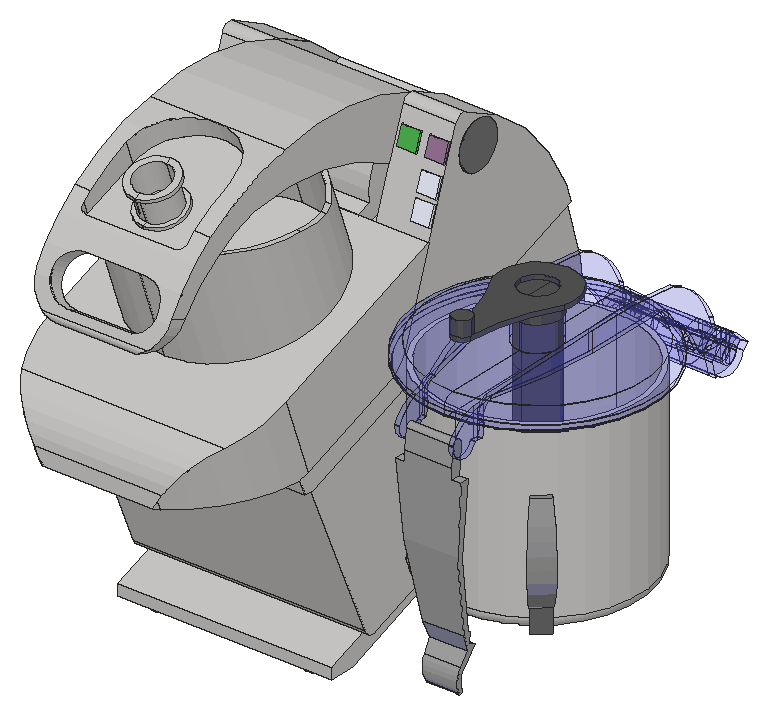
Revit family "QF_DITOSAMA_600428_DTRK45YA", category Specialty Equipment, Revit 2018 (continued)
Definition of nested family "600428_BOWL"
  Lines and regions (mm)
    symbolic lines
      curve 65: arc (-128, -18.211, 0) -> (-101.973, 25.34, 0) -> (-60.771, 54.948, 0) r 124.909
      curve 66: arc (-128, -100.142, 0) -> (-134.909, -59.177, 0) -> (-128, -18.211, 0) r 124.909
      curve 67: line (-108, -177.764, 0) -> (-49.233, -177.764, 0)
      curve 68: line (-128, 191, 0) -> (-128, -17.764, 0)
      curve 69: line (29.233, -177.764, 0) -> (108, -177.764, 0)
      curve 70: line (-128, -97.764, 0) -> (-128, -157.764, 0)
      curve 71: line (-108, 211, 0) -> (108, 211, 0)
      curve 72: arc (-128, -157.764, 0) -> (-122.142, -171.906, 0) -> (-108, -177.764, 0) r 20
      curve 73: arc (108, -177.764, 0) -> (122.142, -171.906, 0) -> (128, -157.764, 0) r 20
      curve 74: arc (128, 191, 0) -> (122.142, 205.142, 0) -> (108, 211, 0) r 20
      curve 75: arc (-108, 211, 0) -> (-122.142, 205.142, 0) -> (-128, 191, 0) r 20
      curve 76: line (45.852, 123.86, 0) -> (-71.073, 123.86, 0)
      curve 77: line (45.852, 137.378, 0) -> (-65.852, 137.378, 0)
      curve 78: line (45.852, 143.082, 0) -> (-65.852, 143.082, 0)
      curve 79: line (53.607, 123.86, 0) -> (45.852, 123.86, 0)
      curve 80: line (45.852, 123.86, 0) -> (45.852, 170.216, 0)
      curve 81: line (45.852, 170.216, 0) -> (-65.852, 170.216, 0)
      curve 82: line (-65.852, 170.216, 0) -> (-65.852, 123.86, 0)
      curve 83: line (102.599, 101.361, 0) -> (117.599, 101.361, 0)
  Dimensions and locks
    plane 4 "TOP" to level = 705.4 mm  (x2)
    plane 7 "LEFT" to plane 3 "Center (Left/Right)" to plane 8 "RIGHT" = 128 mm, 128 mm
    plane 6 "BACK" to plane 1 "Center (Front/Back)" to plane 5 "FRONT" = 211 mm, 211 mm
    plane 6 "BACK" to plane 5 "FRONT" = 422 mm
    plane 7 "LEFT" to plane 8 "RIGHT" = 256 mm
    plane 9 "CenterX" to plane 3 "Center (Left/Right)" = 10 mm
    plane 12 to level = 510 mm
    aligned and locked: level to plane 2
    aligned and locked: Extrusion 5 to cut or joined group of Extrusion 8, Extrusion 9, Extrusion 11, Extrusion 20
